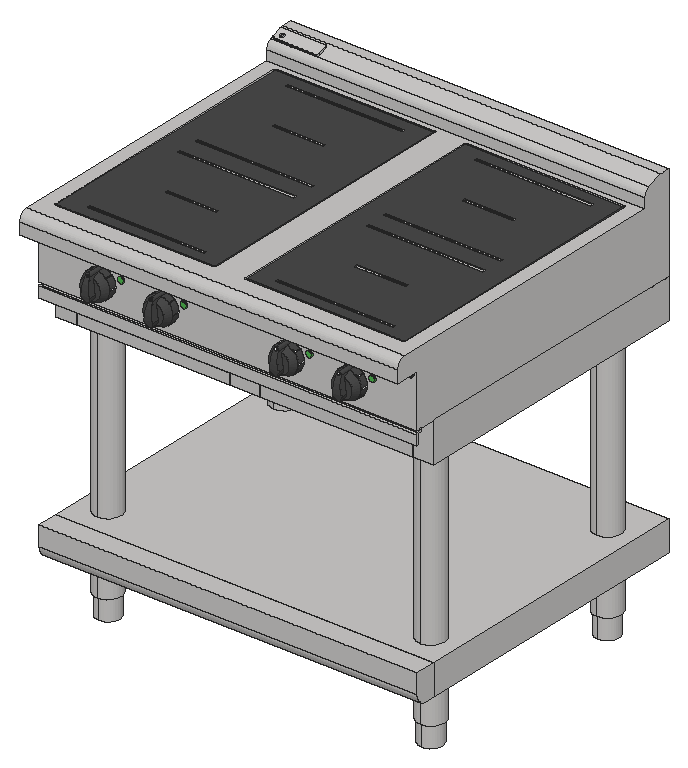
Revit family "QF_Moffat_INL8400R3-LS_Induction Cooktop_cat", category Specialty Equipment, Revit 2019
Family settings
  Round Connector Dimension = Use Diameter
  Part Type = Normal
  Work Plane-Based = No
  Always vertical = Yes
  Cut with Voids When Loaded = No
  Shared = No
  Room Calculation Point = No
Parameters (values of type "IN511F-B")
  Weight in Kilograms = 105
  Watts = 14 W
  Volts = 400 V
  URL Cutsheet = ""
  Specification by User = ""
  Specification by Manufacturer = ""
  Show Logo [instance] = yes
  Serial Number = ""
  Seismic Rating = ""
  SMACNA No = ""
  Revision Code = ""
  Phase = 3
  Number of Poles = 1
  NAFEM Spec ID Number = ""
  Model = "INL8400R3-LS"
  Min Ckt Ampacity = 0 A
  Max Overcurrent Protection = 0 A
  Masterspec = ""
  Manufacturer = "Moffat"
  Length = 900 mm
  Item Number = ""
  Installed By = ""
  Identify Quantity as Lot = yes
  Height = 970 mm
  HP = ""
  Furnished By = ""
  Foodservice Equipment Identifier = yes
  FL Amps = 20 A
  Electrical Remarks = ""
  Electric Connection Type = ""
  Elec Conn RI Height = 0 mm
  Elec Conn Connection Height = 0 mm
  Description = "Induction Cooktop"
  Depth = 805 mm
  Cycle = 50 Hz
  Conn Plug = ""
  Conn Conduit = yes
  CSI MasterFormat = ""
  Apparent Power = if(Phase = 3, Volts * FL Amps * 1.73, Volts * FL Amps)  # 13840 VA
Reference planes
  plane 1 "BACK": y = 0
  plane 2: z = 0
  plane 3 "LEFT": x = 0
  plane 4 "RIGHT": x = 900
  plane 5 "FRONT": y = -805
  plane 6 "TOP": z = 970
  plane 7 "Center Y": x = 450
  plane 8 "Center X": y = -402.5
  plane 9: x = 65.5
  plane 10: x = 834.5
  plane 11: y = -30
  plane 12: z = 150
  plane 13: y = -100
  plane 14: y = -625
  plane 15: y = -70
  plane 16: z = 915
  plane 17: x = 770
Forms (mm)
  Extrusion 1, solid, material "QF_Metal_Stainless_Polished"
    sketch origin (0, 0, 560) x (0, 1, 0) y (0, 0, 1)
      loop
        line (0, 180) -> (0, 410) -> (-24.305, 410) -> (-57.632, 395.853)
        arc (-57.632, 395.853) -> (-66.628, 388.372) -> (-70, 377.167) r 20.3
        line (-70, 377.167) -> (-70, 355) -> (-784.417, 355)
        arc (-784.417, 355) -> (-798.971, 348.971) -> (-805, 334.417) r 20.583
        line (-805, 334.417) -> (-805, 305) -> (-749, 305) -> (-749, 180) -> (0, 180)
    from 0 to 900
  Extrusion 2, void
    sketch origin (0, -784.171, 915) x (0, 1, 0) y (-1, 0, 0)
      loop
        arc (699.341, -37.323) -> (697.584, -33.08) -> (693.341, -31.323) r 6
        line (693.341, -31.323) -> (45.245, -31.323)
        arc (45.245, -31.323) -> (41.002, -33.08) -> (39.245, -37.323) r 6
        line (39.245, -37.323) -> (39.245, -410.105)
        arc (39.245, -410.105) -> (41.002, -414.347) -> (45.245, -416.105) r 6
        line (45.245, -416.105) -> (693.341, -416.105)
        arc (693.341, -416.105) -> (697.584, -414.347) -> (699.341, -410.105) r 6
        line (699.341, -410.105) -> (699.341, -37.323)
      loop
        line (699.341, -862.677) -> (699.341, -489.895)
        arc (699.341, -489.895) -> (697.584, -485.653) -> (693.341, -483.895) r 6
        line (693.341, -483.895) -> (45.245, -483.895)
        arc (45.245, -483.895) -> (41.002, -485.653) -> (39.245, -489.895) r 6
        line (39.245, -489.895) -> (39.245, -862.677)
        arc (39.245, -862.677) -> (41.002, -866.92) -> (45.245, -868.677) r 6
        line (45.245, -868.677) -> (693.341, -868.677)
        arc (693.341, -868.677) -> (697.584, -866.92) -> (699.341, -862.677) r 6
    from 0 to -9.5
  Extrusion 3, solid, material "QF_Plastic_Black_Smooth"
    sketch origin (0, -784.171, 915) x (0, 1, 0) y (-1, 0, 0)
      loop
        line (695.341, -410.105) -> (695.341, -37.323)
        arc (695.341, -37.323) -> (694.755, -35.908) -> (693.341, -35.323) r 2
        line (693.341, -35.323) -> (45.245, -35.323)
        arc (45.245, -35.323) -> (43.831, -35.908) -> (43.245, -37.323) r 2
        line (43.245, -37.323) -> (43.245, -410.105)
        arc (43.245, -410.105) -> (43.831, -411.519) -> (45.245, -412.105) r 2
        line (45.245, -412.105) -> (693.341, -412.105)
        arc (693.341, -412.105) -> (694.755, -411.519) -> (695.341, -410.105) r 2
      loop
        line (667.194, -86.598) -> (661.194, -86.598) -> (661.194, -363.75) -> (667.194, -363.75) -> (667.194, -86.598)
      loop
        line (526.611, -163.924) -> (526.611, -283.924) -> (532.611, -283.924) -> (532.611, -163.924) -> (526.611, -163.924)
      loop
        line (398.444, -86.598) -> (392.444, -86.598) -> (392.444, -363.75) -> (398.444, -363.75) -> (398.444, -86.598)
      loop
        line (345.944, -86.598) -> (339.944, -86.598) -> (339.944, -363.75) -> (345.944, -363.75) -> (345.944, -86.598)
      loop
        line (206.611, -163.924) -> (206.611, -283.924) -> (212.611, -283.924) -> (212.611, -163.924) -> (206.611, -163.924)
      loop
        line (77.194, -86.598) -> (71.194, -86.598) -> (71.194, -363.75) -> (77.194, -363.75) -> (77.194, -86.598)
      loop
        arc (695.341, -489.895) -> (694.755, -488.481) -> (693.341, -487.895) r 2
        line (693.341, -487.895) -> (45.245, -487.895)
        arc (45.245, -487.895) -> (43.831, -488.481) -> (43.245, -489.895) r 2
        line (43.245, -489.895) -> (43.245, -862.677)
        arc (43.245, -862.677) -> (43.831, -864.092) -> (45.245, -864.677) r 2
        line (45.245, -864.677) -> (693.341, -864.677)
        arc (693.341, -864.677) -> (694.755, -864.092) -> (695.341, -862.677) r 2
        line (695.341, -862.677) -> (695.341, -489.895)
      loop
        line (667.194, -813.402) -> (667.194, -536.25) -> (661.194, -536.25) -> (661.194, -813.402) -> (667.194, -813.402)
      loop
        line (526.611, -736.076) -> (532.611, -736.076) -> (532.611, -616.076) -> (526.611, -616.076) -> (526.611, -736.076)
      loop
        line (398.444, -813.402) -> (398.444, -536.25) -> (392.444, -536.25) -> (392.444, -813.402) -> (398.444, -813.402)
      loop
        line (345.944, -813.402) -> (345.944, -536.25) -> (339.944, -536.25) -> (339.944, -813.402) -> (345.944, -813.402)
      loop
        line (206.611, -736.076) -> (212.611, -736.076) -> (212.611, -616.076) -> (206.611, -616.076) -> (206.611, -736.076)
      loop
        line (77.194, -813.402) -> (77.194, -536.25) -> (71.194, -536.25) -> (71.194, -813.402) -> (77.194, -813.402)
    from 0 to -9.5
  Extrusion 4, solid, material "QF_Metal_Stainless_Polished"
    sketch origin (0, 0, 600) x (0, 1, 0) y (0, 0, 1)
      loop
        line (-739.467, 140) -> (-738.192, 134.838)
        arc (-738.192, 134.838) -> (-738.307, 134.302) -> (-738.799, 134.063) r 0.625
        line (-738.799, 134.063) -> (-746.111, 134.063)
        arc (-746.111, 134.063) -> (-748.011, 133.276) -> (-748.797, 131.377) r 2.686
        line (-748.797, 131.377) -> (-748.797, 107.627) -> (-747.197, 107.627) -> (-747.197, 131.242)
        arc (-747.197, 131.242) -> (-746.84, 132.105) -> (-745.976, 132.463) r 1.221
        line (-745.976, 132.463) -> (-738.755, 132.463)
        arc (-738.755, 132.463) -> (-737.028, 133.304) -> (-736.625, 135.182) r 2.194
        line (-736.625, 135.182) -> (-737.815, 140) -> (-739.467, 140)
    from 0 to 900
  Extrusion 5, solid, material "QF_Plastic_Black_Smooth"
    sketch origin (0, -749, 741.875) x (0, 0, 1) y (-1, 0, 0)
      loop
        circle (112.843, -13.157) r 5
      loop
        circle (112.843, -886.843) r 5
    from 0 to 1.6
  Extrusion 6, solid, material "QF_Metal_Stainless_Polished"
    sketch origin (450, -699, 645) x (0, 1, 0) y (1, 0, 0)
      loop
        circle (669, 320) r 6.35
    from 0 to 10
  Extrusion 7, solid, material "QF_Metal_Stainless_Polished"
    sketch origin (0, -699, 645) x (1, 0, 0) y (0, -1, 0)
      loop
        line (0, -699) -> (900, -699) -> (900, 0) -> (849.2, 0) -> (849.2, -25.4) -> (485.8, -25.4) -> (485.8, 0) -> (414.2, 0) -> (414.2, -25.4) -> (50.8, -25.4) -> (50.8, 0) -> (0, 0) -> (0, -699)
    from 0 to -95
  Extrusion 8, solid, material "QF_Metal_Stainless_Polished"
    sketch origin (50.8, -30, 645) x (0, 1, 0) y (0, 0, 1)
      loop
        line (-669, 0) -> (-643.6, 0) -> (-643.6, 26.45) -> (-669, 26.45) -> (-669, 0)
      loop
        line (-669, 32.45) -> (-643.6, 32.45) -> (-643.6, 66.4) -> (-669, 66.4) -> (-669, 32.45)
      loop
        line (-669, 67.4) -> (-643.6, 67.4) -> (-643.6, 95) -> (-669, 95) -> (-669, 67.4)
    from 0 to 363.4
  Extrusion 9, solid, material "QF_Metal_Stainless_Polished"
    sketch origin (900, 0, 560) x (-1, 0, 0) y (0, -1, 0)
      loop
        line (536.25, 122.976) -> (536.25, 116.976) -> (813.402, 116.976) -> (813.402, 122.976) -> (536.25, 122.976)
      loop
        line (736.076, 251.56) -> (736.076, 257.56) -> (616.076, 257.56) -> (616.076, 251.56) -> (736.076, 251.56)
      loop
        line (813.402, 385.726) -> (813.402, 391.726) -> (536.25, 391.726) -> (536.25, 385.726) -> (813.402, 385.726)
      loop
        line (813.402, 438.226) -> (813.402, 444.226) -> (536.25, 444.226) -> (536.25, 438.226) -> (813.402, 438.226)
      loop
        line (736.076, 571.56) -> (736.076, 577.56) -> (616.076, 577.56) -> (616.076, 571.56) -> (736.076, 571.56)
      loop
        line (536.25, 712.976) -> (536.25, 706.976) -> (813.402, 706.976) -> (813.402, 712.976) -> (536.25, 712.976)
      loop
        line (363.75, 122.976) -> (86.598, 122.976) -> (86.598, 116.976) -> (363.75, 116.976) -> (363.75, 122.976)
      loop
        line (163.924, 251.56) -> (283.924, 251.56) -> (283.924, 257.56) -> (163.924, 257.56) -> (163.924, 251.56)
      loop
        line (86.598, 385.726) -> (363.75, 385.726) -> (363.75, 391.726) -> (86.598, 391.726) -> (86.598, 385.726)
      loop
        line (86.598, 438.226) -> (363.75, 438.226) -> (363.75, 444.226) -> (86.598, 444.226) -> (86.598, 438.226)
      loop
        line (163.924, 571.56) -> (283.924, 571.56) -> (283.924, 577.56) -> (163.924, 577.56) -> (163.924, 571.56)
      loop
        line (363.75, 712.976) -> (86.598, 712.976) -> (86.598, 706.976) -> (363.75, 706.976) -> (363.75, 712.976)
    from 355 to 345.5
  Extrusion 10, solid, material "QF_Paint_Green"
    sketch origin (63.231, -748.999, 713.75) x (0, 0, 1) y (-1, 0, 0)
      loop
        circle (100.3, -282.5) r 7.15
    from 0 to 1.6
  Extrusion 11, solid, material "QF_Plastic_Black_Smooth"
    sketch origin (75, -748.999, 725.625) x (0, 0, 1) y (-1, 0, 0)
      loop
        circle (112.843, -225) r 5
    from 0 to 1.6
  Extrusion 12, solid, material "QF_Paint_Green"
    sketch origin (-86.769, -748.999, 713.75) x (0, 0, 1) y (-1, 0, 0)
      loop
        circle (100.3, -282.5) r 7.15
    from 0 to 1.6
  Extrusion 13, solid, material "QF_Plastic_Black_Smooth"
    sketch origin (-75, -748.999, 725.625) x (0, 0, 1) y (-1, 0, 0)
      loop
        circle (112.843, -225) r 5
    from 0 to 1.6
  Extrusion 14, solid, material "QF_Paint_Green"
    sketch origin (511.981, -748.999, 713.75) x (0, 0, 1) y (-1, 0, 0)
      loop
        circle (100.3, -282.5) r 7.15
    from 0 to 1.6
  Extrusion 15, solid, material "QF_Plastic_Black_Smooth"
    sketch origin (523.75, -748.999, 725.625) x (0, 0, 1) y (-1, 0, 0)
      loop
        circle (112.843, -225) r 5
    from 0 to 1.6
  Extrusion 16, solid, material "QF_Paint_Green"
    sketch origin (361.981, -748.999, 713.75) x (0, 0, 1) y (-1, 0, 0)
      loop
        circle (100.3, -282.5) r 7.15
    from 0 to 1.6
  Extrusion 17, solid, material "QF_Plastic_Black_Smooth"
    sketch origin (373.75, -748.999, 725.625) x (0, 0, 1) y (-1, 0, 0)
      loop
        circle (112.843, -225) r 5
    from 0 to 1.6
  Extrusion 18, solid, material "QF_Metal_Stainless_Polished"
    sketch origin (849.2, -30, 645) x (0, 1, 0) y (0, 0, -1)
      loop
        line (-669, 0) -> (-669, -26.45) -> (-643.6, -26.45) -> (-643.6, 0) -> (-669, 0)
      loop
        line (-669, -32.45) -> (-669, -66.4) -> (-643.6, -66.4) -> (-643.6, -32.45) -> (-669, -32.45)
      loop
        line (-669, -67.4) -> (-669, -95) -> (-643.6, -95) -> (-643.6, -67.4) -> (-669, -67.4)
    from 0 to 363.4
Cuts and joins
  Extrusion 2 cuts Extrusion 1
Lines and regions (mm)
  symbolic lines
    curve 1: line (0, 0, 0) -> (900, 0, 0)
    curve 2: line (0, -805, 0) -> (0, 0, 0)
    curve 3: line (900, -805, 0) -> (0, -805, 0)
    curve 4: line (900, 0, 0) -> (900, -805, 0)
    curve 5: line (0, -18.182, 0) -> (900, -18.182, 0)
    curve 6: line (0, -70, 0) -> (450, -70, 0)
    curve 7: line (37.323, -84.83, 0) -> (410.105, -84.83, 0)
    curve 8: arc (410.105, -84.83, 0) -> (414.347, -86.587, 0) -> (416.105, -90.83, 0) r 6
    curve 9: line (416.105, -90.83, 0) -> (416.105, -738.926, 0)
    curve 10: arc (416.105, -738.926, 0) -> (414.347, -743.168, 0) -> (410.105, -744.926, 0) r 6
    curve 11: line (410.105, -744.926, 0) -> (37.323, -744.926, 0)
    curve 12: arc (37.323, -744.926, 0) -> (33.08, -743.168, 0) -> (31.323, -738.926, 0) r 6
    curve 13: line (31.323, -738.926, 0) -> (31.323, -90.83, 0)
    curve 14: arc (31.323, -90.83, 0) -> (33.08, -86.587, 0) -> (37.323, -84.83, 0) r 6
    curve 15: line (410.105, -88.83, 0) -> (37.323, -88.83, 0)
    curve 16: arc (37.323, -88.83, 0) -> (35.908, -89.415, 0) -> (35.323, -90.83, 0) r 2
    curve 17: line (35.323, -90.83, 0) -> (35.323, -738.926, 0)
    curve 18: arc (35.323, -738.926, 0) -> (35.908, -740.34, 0) -> (37.323, -740.926, 0) r 2
    curve 19: line (37.323, -740.926, 0) -> (410.105, -740.926, 0)
    curve 20: arc (410.105, -740.926, 0) -> (411.519, -740.34, 0) -> (412.105, -738.926, 0) r 2
    curve 21: line (412.105, -738.926, 0) -> (412.105, -90.83, 0)
    curve 22: arc (412.105, -90.83, 0) -> (411.519, -89.415, 0) -> (410.105, -88.83, 0) r 2
    curve 23: line (416.105, -738.926, 0) -> (416.105, -90.83, 0)
    curve 24: line (412.105, -90.83, 0) -> (412.105, -738.926, 0)
    curve 25: line (862.677, -84.83, 0) -> (489.895, -84.83, 0)
    curve 26: arc (489.895, -84.83, 0) -> (485.653, -86.587, 0) -> (483.895, -90.83, 0) r 6
    curve 27: arc (483.895, -738.926, 0) -> (485.653, -743.168, 0) -> (489.895, -744.926, 0) r 6
    curve 28: line (489.895, -744.926, 0) -> (862.677, -744.926, 0)
    curve 29: arc (862.677, -744.926, 0) -> (866.92, -743.168, 0) -> (868.677, -738.926, 0) r 6
    curve 30: line (868.677, -738.926, 0) -> (868.677, -90.83, 0)
    curve 31: arc (868.677, -90.83, 0) -> (866.92, -86.587, 0) -> (862.677, -84.83, 0) r 6
    curve 32: line (489.895, -88.83, 0) -> (862.677, -88.83, 0)
    curve 33: arc (862.677, -88.83, 0) -> (864.092, -89.415, 0) -> (864.677, -90.83, 0) r 2
    curve 34: line (864.677, -90.83, 0) -> (864.677, -738.926, 0)
    curve 35: arc (864.677, -738.926, 0) -> (864.092, -740.34, 0) -> (862.677, -740.926, 0) r 2
    curve 36: line (862.677, -740.926, 0) -> (489.895, -740.926, 0)
    curve 37: arc (489.895, -740.926, 0) -> (488.481, -740.34, 0) -> (487.895, -738.926, 0) r 2
    curve 38: arc (487.895, -90.83, 0) -> (488.481, -89.415, 0) -> (489.895, -88.83, 0) r 2
    curve 39: line (487.895, -90.83, 0) -> (487.895, -738.926, 0)
    curve 40: arc (487.895, -738.926, 0) -> (488.481, -740.34, 0) -> (489.895, -740.926, 0) r 2
    curve 41: line (489.895, -740.926, 0) -> (862.677, -740.926, 0)
    curve 42: arc (862.677, -740.926, 0) -> (864.092, -740.34, 0) -> (864.677, -738.926, 0) r 2
    curve 43: line (864.677, -738.926, 0) -> (864.677, -90.83, 0)
    curve 44: arc (864.677, -90.83, 0) -> (864.092, -89.415, 0) -> (862.677, -88.83, 0) r 2
    curve 45: line (862.677, -88.83, 0) -> (489.895, -88.83, 0)
    curve 46: arc (489.895, -88.83, 0) -> (488.481, -89.415, 0) -> (487.895, -90.83, 0) r 2
    curve 47: line (483.895, -90.83, 0) -> (483.895, -738.926, 0)
    curve 48: arc (483.895, -738.926, 0) -> (485.653, -743.168, 0) -> (489.895, -744.926, 0) r 6
    curve 49: line (489.895, -744.926, 0) -> (862.677, -744.926, 0)
    curve 50: arc (862.677, -744.926, 0) -> (866.92, -743.168, 0) -> (868.677, -738.926, 0) r 6
    curve 51: line (868.677, -738.926, 0) -> (868.677, -90.83, 0)
    curve 52: arc (868.677, -90.83, 0) -> (866.92, -86.587, 0) -> (862.677, -84.83, 0) r 6
    curve 53: line (862.677, -84.83, 0) -> (489.895, -84.83, 0)
    curve 54: arc (489.895, -84.83, 0) -> (485.653, -86.587, 0) -> (483.895, -90.83, 0) r 6
    curve 55: line (86.598, -122.976, 0) -> (363.75, -122.976, 0)
    curve 56: line (363.75, -122.976, 0) -> (363.75, -116.976, 0)
    curve 57: line (363.75, -116.976, 0) -> (86.598, -116.976, 0)
    curve 58: line (86.598, -116.976, 0) -> (86.598, -122.976, 0)
    curve 59: line (283.924, -251.56, 0) -> (163.924, -251.56, 0)
    curve 60: line (163.924, -251.56, 0) -> (163.924, -257.56, 0)
    curve 61: line (163.924, -257.56, 0) -> (283.924, -257.56, 0)
    curve 62: line (283.924, -257.56, 0) -> (283.924, -251.56, 0)
    curve 63: line (536.25, -122.976, 0) -> (813.402, -122.976, 0)
    curve 64: line (813.402, -122.976, 0) -> (813.402, -116.976, 0)
    curve 65: line (813.402, -116.976, 0) -> (536.25, -116.976, 0)
    curve 66: line (536.25, -116.976, 0) -> (536.25, -122.976, 0)
    curve 67: line (736.076, -251.56, 0) -> (616.076, -251.56, 0)
    curve 68: line (616.076, -251.56, 0) -> (616.076, -257.56, 0)
    curve 69: line (616.076, -257.56, 0) -> (736.076, -257.56, 0)
    curve 70: line (736.076, -257.56, 0) -> (736.076, -251.56, 0)
    curve 71: line (736.076, -571.56, 0) -> (616.076, -571.56, 0)
    curve 72: line (616.076, -571.56, 0) -> (616.076, -577.56, 0)
    curve 73: line (616.076, -577.56, 0) -> (736.076, -577.56, 0)
    curve 74: line (736.076, -577.56, 0) -> (736.076, -571.56, 0)
    curve 75: line (813.402, -706.976, 0) -> (536.25, -706.976, 0)
    curve 76: line (536.25, -706.976, 0) -> (536.25, -712.976, 0)
    curve 77: line (536.25, -712.976, 0) -> (813.402, -712.976, 0)
    curve 78: line (813.402, -712.976, 0) -> (813.402, -706.976, 0)
    curve 79: line (86.598, -712.976, 0) -> (363.75, -712.976, 0)
    curve 80: line (363.75, -712.976, 0) -> (363.75, -706.976, 0)
    curve 81: line (363.75, -706.976, 0) -> (86.598, -706.976, 0)
    curve 82: line (86.598, -706.976, 0) -> (86.598, -712.976, 0)
    curve 83: line (283.924, -577.56, 0) -> (163.924, -577.56, 0)
    curve 84: line (163.924, -577.56, 0) -> (163.924, -571.56, 0)
    curve 85: line (163.924, -571.56, 0) -> (283.924, -571.56, 0)
    curve 86: line (283.924, -571.56, 0) -> (283.924, -577.56, 0)
    curve 87: line (86.598, -444.226, 0) -> (363.75, -444.226, 0)
    curve 88: line (363.75, -444.226, 0) -> (363.75, -438.226, 0)
    curve 89: line (363.75, -438.226, 0) -> (86.598, -438.226, 0)
    curve 90: line (86.598, -438.226, 0) -> (86.598, -444.226, 0)
    curve 91: line (86.598, -391.726, 0) -> (363.75, -391.726, 0)
    curve 92: line (363.75, -391.726, 0) -> (363.75, -385.726, 0)
    curve 93: line (363.75, -385.726, 0) -> (86.598, -385.726, 0)
    curve 94: line (86.598, -385.726, 0) -> (86.598, -391.726, 0)
    curve 95: line (0, 0, 560) -> (900, 0, 560)
    curve 96: line (0, -805, 560) -> (0, 0, 560)
    curve 97: line (900, -805, 560) -> (0, -805, 560)
    curve 98: line (900, 0, 560) -> (900, -805, 560)
    curve 99: line (0, -18.182, 560) -> (900, -18.182, 560)
    curve 100: line (0, -70, 560) -> (900, -70, 560)
    curve 101: line (416.105, -90.83, 560) -> (416.105, -738.926, 560)
    curve 102: line (412.105, -738.926, 560) -> (412.105, -90.83, 560)
    curve 103: line (416.105, -738.926, 560) -> (416.105, -90.83, 560)
    curve 104: line (412.105, -90.83, 560) -> (412.105, -738.926, 560)
    curve 105: line (862.677, -84.83, 560) -> (489.895, -84.83, 560)
    curve 106: arc (483.895, -738.926, 560) -> (485.653, -743.168, 560) -> (489.895, -744.926, 560) r 6
    curve 107: line (489.895, -744.926, 560) -> (862.677, -744.926, 560)
    curve 108: arc (862.677, -744.926, 560) -> (866.92, -743.168, 560) -> (868.677, -738.926, 560) r 6
    curve 109: arc (864.677, -738.926, 560) -> (864.092, -740.34, 560) -> (862.677, -740.926, 560) r 2
    curve 110: line (862.677, -740.926, 560) -> (489.895, -740.926, 560)
    curve 111: arc (489.895, -740.926, 560) -> (488.481, -740.34, 560) -> (487.895, -738.926, 560) r 2
    curve 112: arc (487.895, -738.926, 560) -> (488.481, -740.34, 560) -> (489.895, -740.926, 560) r 2
    curve 113: line (489.895, -740.926, 560) -> (862.677, -740.926, 560)
    curve 114: arc (862.677, -740.926, 560) -> (864.092, -740.34, 560) -> (864.677, -738.926, 560) r 2
    curve 115: arc (483.895, -738.926, 560) -> (485.653, -743.168, 560) -> (489.895, -744.926, 560) r 6
    curve 116: line (489.895, -744.926, 560) -> (862.677, -744.926, 560)
    curve 117: arc (862.677, -744.926, 560) -> (866.92, -743.168, 560) -> (868.677, -738.926, 560) r 6
    curve 118: line (86.598, -122.976, 560) -> (363.75, -122.976, 560)
    curve 119: line (363.75, -122.976, 560) -> (363.75, -116.976, 560)
    curve 120: line (363.75, -116.976, 560) -> (86.598, -116.976, 560)
    curve 121: line (86.598, -116.976, 560) -> (86.598, -122.976, 560)
    curve 122: line (283.924, -251.56, 560) -> (163.924, -251.56, 560)
    curve 123: line (163.924, -251.56, 560) -> (163.924, -257.56, 560)
    curve 124: line (163.924, -257.56, 560) -> (283.924, -257.56, 560)
    curve 125: line (283.924, -257.56, 560) -> (283.924, -251.56, 560)
    curve 126: line (536.25, -122.976, 560) -> (813.402, -122.976, 560)
    curve 127: line (813.402, -122.976, 560) -> (813.402, -116.976, 560)
    curve 128: line (813.402, -116.976, 560) -> (536.25, -116.976, 560)
    curve 129: line (536.25, -116.976, 560) -> (536.25, -122.976, 560)
    curve 130: line (736.076, -251.56, 560) -> (616.076, -251.56, 560)
    curve 131: line (616.076, -251.56, 560) -> (616.076, -257.56, 560)
    curve 132: line (616.076, -257.56, 560) -> (736.076, -257.56, 560)
    curve 133: line (736.076, -257.56, 560) -> (736.076, -251.56, 560)
    curve 134: line (736.076, -571.56, 560) -> (616.076, -571.56, 560)
    curve 135: line (616.076, -571.56, 560) -> (616.076, -577.56, 560)
    curve 136: line (616.076, -577.56, 560) -> (736.076, -577.56, 560)
    curve 137: line (736.076, -577.56, 560) -> (736.076, -571.56, 560)
    curve 138: line (813.402, -706.976, 560) -> (536.25, -706.976, 560)
    curve 139: line (536.25, -706.976, 560) -> (536.25, -712.976, 560)
    curve 140: line (536.25, -712.976, 560) -> (813.402, -712.976, 560)
    curve 141: line (813.402, -712.976, 560) -> (813.402, -706.976, 560)
    curve 142: line (86.598, -712.976, 560) -> (363.75, -712.976, 560)
    curve 143: line (363.75, -712.976, 560) -> (363.75, -706.976, 560)
    curve 144: line (363.75, -706.976, 560) -> (86.598, -706.976, 560)
    curve 145: line (86.598, -706.976, 560) -> (86.598, -712.976, 560)
    curve 146: line (283.924, -577.56, 560) -> (163.924, -577.56, 560)
    curve 147: line (163.924, -577.56, 560) -> (163.924, -571.56, 560)
    curve 148: line (163.924, -571.56, 560) -> (283.924, -571.56, 560)
    curve 149: line (283.924, -571.56, 560) -> (283.924, -577.56, 560)
    curve 150: line (86.598, -444.226, 560) -> (363.75, -444.226, 560)
    curve 151: line (363.75, -444.226, 560) -> (363.75, -438.226, 560)
    curve 152: line (363.75, -438.226, 560) -> (86.598, -438.226, 560)
    curve 153: line (86.598, -438.226, 560) -> (86.598, -444.226, 560)
    curve 154: line (86.598, -391.726, 560) -> (363.75, -391.726, 560)
    curve 155: line (363.75, -391.726, 560) -> (363.75, -385.726, 560)
    curve 156: line (363.75, -385.726, 560) -> (86.598, -385.726, 560)
    curve 157: line (86.598, -385.726, 560) -> (86.598, -391.726, 560)
    curve 158: line (536.25, -391.726, 560) -> (813.402, -391.726, 560)
    curve 159: line (813.402, -391.726, 560) -> (813.402, -385.726, 560)
    curve 160: line (813.402, -385.726, 560) -> (536.25, -385.726, 560)
    curve 161: line (536.25, -385.726, 560) -> (536.25, -391.726, 560)
    curve 162: line (536.25, -444.226, 560) -> (813.402, -444.226, 560)
    curve 163: line (813.402, -444.226, 560) -> (813.402, -438.226, 560)
    curve 164: line (813.402, -438.226, 560) -> (536.25, -438.226, 560)
    curve 165: line (536.25, -438.226, 560) -> (536.25, -444.226, 560)
Dimensions and locks
  equal spacing: plane 3 "LEFT", plane 7 "Center Y", plane 4 "RIGHT"
  "Length": plane 3 "LEFT" to plane 4 "RIGHT"
  equal spacing: plane 5 "FRONT", plane 8 "Center X", plane 1 "BACK"
  "Depth": plane 5 "FRONT" to plane 1 "BACK"
  "Height": plane 6 "TOP" to level
  plane 9 to plane 10 = 769 mm
  plane 4 "RIGHT" to plane 3 "LEFT" = 900 mm
  plane 6 "TOP" to plane 2 = 970 mm
  plane 1 "BACK" to plane 11 = 30 mm
  plane 1 "BACK" to plane 13 to plane 14 = 100 mm, 525 mm
  plane 1 "BACK" to plane 15 = 70 mm
  plane 16 to level = 915 mm  (x2)
  level to plane 12 = 150 mm
  plane 12 to level = 150 mm
  plane 4 "RIGHT" to plane 17 = 130 mm
  plane 1 "BACK" to plane 5 "FRONT" = 805 mm
  locked: plane 10 to plane 4 "RIGHT" at 65.5
  aligned and locked: level to plane 2
  aligned and locked: plane 7 "Center Y" to nested 1
  aligned and locked: plane 8 "Center X" to nested 1
  aligned and locked: Extrusion 18 to Extrusion 7  (x2)
Automatic sketch dimensions
  Extrusion 2 sketch curve to Extrusion 1 = 39.492 mm  (x2)
  Extrusion 2 sketch curve to Extrusion 2 sketch curve = 6 mm  (x6)
  Extrusion 1 to Extrusion 2 sketch curve = 20.83 mm  (x4)
  Extrusion 1 to Extrusion 2 sketch curve = 31.323 mm
  Extrusion 2 sketch curve to Extrusion 2 sketch curve = 372.782 mm
  Extrusion 2 sketch curve to Extrusion 2 sketch curve = 67.791 mm
  Extrusion 1 to Extrusion 2 sketch curve = 37.323 mm
  Extrusion 4 sketch curve to plane 5 "FRONT" = 56.203 mm
  Extrusion 4 sketch curve to Extrusion 4 sketch curve = 1.6 mm
  Extrusion 4 sketch curve to Extrusion 4 sketch curve = 1.086 mm
  Extrusion 4 sketch curve to Extrusion 4 sketch curve = 0.135 mm  (x2)
  Extrusion 4 sketch curve to Extrusion 4 sketch curve = 6.644 mm
  Extrusion 4 sketch curve to Extrusion 4 sketch curve = 0.668 mm
  Extrusion 4 sketch curve to Extrusion 4 sketch curve = 0.044 mm
  Extrusion 4 sketch curve to Extrusion 4 sketch curve = 0.563 mm
  Extrusion 4 sketch curve to Extrusion 4 sketch curve = 1.652 mm
  Extrusion 4 sketch curve to Extrusion 4 sketch curve = 1.567 mm
  Extrusion 4 sketch curve to plane 16 = 207.373 mm
  Extrusion 4 sketch curve to Extrusion 4 sketch curve = 23.614 mm
  Extrusion 4 sketch curve to Extrusion 4 sketch curve = 0.594 mm
  Extrusion 4 sketch curve to Extrusion 4 sketch curve = 0.032 mm
  Extrusion 4 sketch curve to Extrusion 4 sketch curve = 5.162 mm
  Extrusion 1 to Extrusion 5 sketch curve = 10.282 mm  (x2)
  Extrusion 1 to Extrusion 5 sketch curve = 13.157 mm  (x2)
  Extrusion 12 sketch curve to plane 16 = 100.95 mm
  Extrusion 12 sketch curve to plane 9 = 130.231 mm
  Extrusion 13 sketch curve to plane 16 = 76.532 mm
  Extrusion 13 sketch curve to plane 9 = 84.5 mm
  plane 17 to Extrusion 14 sketch curve = 24.481 mm
  Extrusion 14 sketch curve to plane 16 = 100.95 mm
  Extrusion 15 sketch curve to plane 17 = 21.25 mm
  Extrusion 15 sketch curve to plane 16 = 76.532 mm
  Extrusion 16 sketch curve to plane 16 = 100.95 mm
  Extrusion 16 sketch curve to plane 17 = 125.519 mm
  plane 14 to Extrusion 18 sketch curve = 74 mm
  Extrusion 18 sketch curve to Extrusion 18 sketch curve = 0 mm  (x4)
  Extrusion 18 sketch curve to Extrusion 18 sketch curve = 25.4 mm
  Extrusion 18 sketch curve to plane 16 = 175 mm
  Extrusion 18 sketch curve to Extrusion 18 sketch curve = 27.6 mm
  Extrusion 18 sketch curve to Extrusion 18 sketch curve = 1 mm
  Extrusion 18 sketch curve to Extrusion 18 sketch curve = 33.95 mm
  Extrusion 18 sketch curve to Extrusion 18 sketch curve = 6 mm
  Extrusion 18 sketch curve to Extrusion 18 sketch curve = 26.45 mm
  Extrusion 3 sketch curve to Extrusion 1 = 43.492 mm  (x2)
  Extrusion 3 sketch curve to Extrusion 3 sketch curve = 2 mm  (x6)
  Extrusion 3 sketch curve to Extrusion 3 sketch curve = 25.949 mm  (x2)
  Extrusion 3 sketch curve to Extrusion 3 sketch curve = 6 mm  (x12)
  Extrusion 3 sketch curve to Extrusion 3 sketch curve = 129.416 mm  (x2)
  Extrusion 3 sketch curve to Extrusion 3 sketch curve = 127.334 mm  (x2)
  Extrusion 3 sketch curve to Extrusion 3 sketch curve = 46.5 mm  (x2)
  Extrusion 3 sketch curve to Extrusion 3 sketch curve = 128.166 mm  (x2)
  Extrusion 1 to Extrusion 3 sketch curve = 52.976 mm  (x2)
  Extrusion 1 to Extrusion 3 sketch curve = 20.83 mm  (x4)
  Extrusion 1 to Extrusion 3 sketch curve = 35.323 mm
  Extrusion 3 sketch curve to Extrusion 3 sketch curve = 49.275 mm  (x2)
  Extrusion 1 to Extrusion 3 sketch curve = 86.598 mm  (x4)
  Extrusion 3 sketch curve to Extrusion 3 sketch curve = 0 mm  (x4)
  Extrusion 3 sketch curve to Extrusion 3 sketch curve = 77.326 mm  (x2)
  Extrusion 3 sketch curve to Extrusion 3 sketch curve = 120 mm  (x4)
  Extrusion 3 sketch curve to Extrusion 3 sketch curve = 79.826 mm  (x5)
  Extrusion 3 sketch curve to Extrusion 3 sketch curve = 46.355 mm  (x3)
  Extrusion 3 sketch curve to Extrusion 3 sketch curve = 75.791 mm
  Extrusion 3 sketch curve to Extrusion 3 sketch curve = 172.5 mm
  Extrusion 1 to Extrusion 3 sketch curve = 37.323 mm
  Extrusion 1 sketch curve to plane 5 "FRONT" = 0 mm
  Extrusion 1 sketch curve to plane 16 = 0 mm
  Extrusion 1 sketch curve to plane 15 = 0 mm
  Extrusion 1 sketch curve to plane 6 "TOP" = 0 mm
  Extrusion 1 sketch curve to plane 1 "BACK" = 0 mm
  Extrusion 1 sketch curve to Extrusion 1 sketch curve = 20.583 mm
  Extrusion 1 sketch curve to Extrusion 1 sketch curve = 35.417 mm
  Extrusion 1 sketch curve to plane 15 = 12.368 mm
  Extrusion 1 sketch curve to Extrusion 1 sketch curve = 20.3 mm
  Extrusion 1 sketch curve to plane 11 = 5.695 mm
  Extrusion 1 sketch curve to Extrusion 1 sketch curve = 29.417 mm
  Extrusion 1 sketch curve to plane 16 = 175 mm
  plane 16 to Extrusion 1 sketch curve = 22.167 mm
  curve 8 to curve 22 = 0 mm  (x2)
  curve 10 to curve 20 = 0 mm  (x2)
  curve 12 to curve 18 = 0 mm  (x2)
  curve 14 to curve 16 = 0 mm  (x2)
  curve 26 to curve 38 = 0 mm  (x2)
  curve 26 to curve 46 = 0 mm  (x2)
  curve 26 to curve 54 = 0 mm  (x2)
  curve 27 to curve 37 = 0 mm  (x2)
  curve 27 to curve 40 = 0 mm  (x2)
  curve 27 to curve 48 = 0 mm  (x2)
  curve 29 to curve 35 = 0 mm  (x2)
  curve 29 to curve 42 = 0 mm  (x2)
  curve 29 to curve 50 = 0 mm  (x2)
  curve 31 to curve 33 = 0 mm  (x2)
  curve 31 to curve 44 = 0 mm  (x2)
  curve 31 to curve 52 = 0 mm  (x2)
  curve 33 to curve 44 = 0 mm  (x2)
  curve 33 to curve 52 = 0 mm  (x2)
  curve 35 to curve 42 = 0 mm  (x2)
  curve 35 to curve 50 = 0 mm  (x2)
  curve 37 to curve 40 = 0 mm  (x2)
  curve 37 to curve 48 = 0 mm  (x2)
  curve 38 to curve 46 = 0 mm  (x2)
  curve 38 to curve 54 = 0 mm  (x2)
  curve 40 to curve 48 = 0 mm  (x2)
  curve 42 to curve 50 = 0 mm  (x2)
  curve 44 to curve 52 = 0 mm  (x2)
  curve 46 to curve 54 = 0 mm  (x2)
  plane 1 "BACK" to curve 1 = 0 mm
  curve 1 to plane 3 "LEFT" = 0 mm
  curve 6 to plane 7 "Center Y" = 0 mm
  curve 5 to plane 4 "RIGHT" = 0 mm
  plane 5 "FRONT" to curve 3 = 0 mm
  plane 15 to curve 6 = 0 mm
  plane 3 "LEFT" to curve 13 = 31.323 mm
  curve 13 to curve 17 = 4 mm
  curve 17 to curve 16 = 2 mm
  curve 17 to curve 18 = 2 mm
  curve 94 to plane 9 = 21.098 mm
  curve 57 to plane 9 = 21.098 mm
  curve 79 to plane 9 = 21.098 mm
  curve 87 to plane 9 = 21.098 mm
  curve 83 to plane 14 = 47.44 mm
  curve 83 to plane 9 = 98.424 mm
  curve 59 to plane 9 = 98.424 mm
  curve 60 to curve 61 = 120 mm
  curve 85 to plane 14 = 53.44 mm
  curve 84 to curve 85 = 120 mm
  curve 79 to plane 7 "Center Y" = 86.25 mm
  curve 88 to plane 8 "Center X" = 41.726 mm
  curve 88 to plane 7 "Center Y" = 86.25 mm
  plane 13 to curve 57 = 16.976 mm
  curve 57 to plane 7 "Center Y" = 86.25 mm
  plane 8 "Center X" to curve 93 = 16.774 mm
  curve 93 to curve 88 = 0 mm
  curve 10 to plane 7 "Center Y" = 39.895 mm
  curve 22 to plane 13 = 9.17 mm
  curve 22 to plane 7 "Center Y" = 39.895 mm
  curve 10 to curve 21 = 2 mm
  plane 7 "Center Y" to curve 47 = 33.895 mm
  curve 54 to curve 39 = 4 mm
  curve 38 to curve 45 = 2 mm
  curve 37 to curve 40 = 2 mm
  curve 27 to curve 77 = 46.355 mm
  plane 13 to curve 65 = 16.976 mm
  curve 38 to curve 65 = 46.355 mm
  curve 72 to plane 14 = 53.44 mm
  curve 72 to plane 17 = 153.924 mm
  curve 63 to curve 68 = 79.826 mm
  curve 70 to plane 17 = 33.924 mm
  curve 73 to plane 17 = 33.924 mm
  plane 10 to curve 65 = 21.098 mm
  plane 10 to curve 78 = 21.098 mm
  curve 33 to plane 13 = 9.17 mm
  curve 33 to plane 10 = 28.177 mm
  curve 50 to plane 10 = 28.177 mm
  curve 31 to curve 34 = 2 mm
  curve 28 to plane 5 "FRONT" = 60.074 mm
  curve 11 to plane 5 "FRONT" = 60.074 mm
  curve 29 to curve 77 = 25.949 mm
  curve 10 to curve 80 = 25.949 mm
  curve 79 to curve 82 = 6 mm
  curve 77 to curve 75 = 6 mm
  curve 73 to curve 71 = 6 mm
  curve 87 to curve 90 = 6 mm
  curve 92 to curve 92 = 6 mm
  plane 8 "Center X" to curve 68 = 144.94 mm
  plane 8 "Center X" to curve 61 = 144.94 mm
  curve 69 to curve 67 = 6 mm
  curve 61 to curve 62 = 6 mm
  curve 64 to curve 64 = 6 mm
  curve 55 to curve 57 = 6 mm
  curve 5 to plane 11 = 11.818 mm
  plane 8 "Center X" to curve 158 = 10.774 mm
  plane 7 "Center Y" to curve 158 = 86.25 mm
  curve 165 to curve 158 = 0 mm
  plane 10 to curve 159 = 21.098 mm
  plane 10 to curve 162 = 21.098 mm
  curve 163 to plane 8 "Center X" = 35.726 mm
  curve 165 to curve 164 = 6 mm
  curve 158 to curve 161 = 6 mm
  Extrusion 7 to Extrusion 6 sketch curve = 30 mm
  Extrusion 6 sketch curve to Extrusion 7 = 79.2 mm
  Extrusion 7 sketch curve to plane 3 "LEFT" = 0 mm
  Extrusion 7 sketch curve to plane 4 "RIGHT" = 0 mm
  plane 1 "BACK" to Extrusion 7 sketch curve = 0 mm
  plane 9 to Extrusion 7 sketch curve = 14.7 mm
  Extrusion 7 sketch curve to plane 7 "Center Y" = 35.8 mm
  plane 7 "Center Y" to Extrusion 7 sketch curve = 35.8 mm
  Extrusion 7 sketch curve to plane 10 = 14.7 mm
  plane 14 to Extrusion 7 sketch curve = 48.6 mm  (x2)
  Extrusion 7 sketch curve to Extrusion 7 sketch curve = 25.4 mm  (x3)
  Extrusion 8 sketch curve to Extrusion 7 = 0 mm  (x8)
  Extrusion 7 to Extrusion 8 sketch curve = 26.45 mm
  Extrusion 8 sketch curve to Extrusion 8 sketch curve = 6 mm
  Extrusion 7 to Extrusion 8 sketch curve = 28.6 mm
  Extrusion 8 sketch curve to Extrusion 8 sketch curve = 1 mm
  Extrusion 9 sketch curve to plane 10 = 21.098 mm  (x4)
  plane 17 to Extrusion 9 sketch curve = 33.924 mm  (x2)
  plane 14 to Extrusion 9 sketch curve = 47.44 mm
  Extrusion 9 sketch curve to Extrusion 9 sketch curve = 120 mm  (x2)
  plane 8 "Center X" to Extrusion 9 sketch curve = 41.726 mm  (x2)
  Extrusion 9 sketch curve to plane 7 "Center Y" = 86.25 mm  (x3)
  Extrusion 9 sketch curve to plane 8 "Center X" = 16.774 mm  (x2)
  Extrusion 9 sketch curve to Extrusion 9 sketch curve = 0 mm  (x2)
  Extrusion 9 sketch curve to plane 13 = 22.976 mm
  plane 7 "Center Y" to Extrusion 9 sketch curve = 86.25 mm  (x3)
  Extrusion 9 sketch curve to plane 13 = 16.976 mm
  plane 14 to Extrusion 9 sketch curve = 53.44 mm
  Extrusion 9 sketch curve to Extrusion 9 sketch curve = 79.826 mm  (x2)
  plane 9 to Extrusion 9 sketch curve = 98.424 mm  (x2)
  plane 9 to Extrusion 9 sketch curve = 21.098 mm  (x4)
  Extrusion 9 sketch curve to plane 14 = 81.976 mm  (x2)
  Extrusion 9 sketch curve to Extrusion 9 sketch curve = 6 mm  (x12)
  Extrusion 9 sketch curve to plane 8 "Center X" = 144.94 mm  (x2)
  Extrusion 10 sketch curve to plane 16 = 100.95 mm
  Extrusion 10 sketch curve to plane 7 "Center Y" = 104.269 mm
  Extrusion 11 sketch curve to plane 16 = 76.532 mm
  Extrusion 11 sketch curve to plane 7 "Center Y" = 150 mm
  Extrusion 17 sketch curve to plane 16 = 76.532 mm
  plane 7 "Center Y" to Extrusion 17 sketch curve = 148.75 mm
  curve 106 to curve 111 = 0 mm
  curve 106 to curve 112 = 0 mm
  curve 108 to curve 109 = 0 mm
  curve 109 to curve 117 = 0 mm
  plane 1 "BACK" to curve 95 = 0 mm
  curve 95 to plane 3 "LEFT" = 0 mm
  curve 100 to plane 4 "RIGHT" = 0 mm
  plane 5 "FRONT" to curve 97 = 0 mm
  plane 15 to curve 100 = 0 mm
  curve 153 to plane 9 = 21.098 mm
  curve 157 to plane 9 = 21.098 mm
  curve 145 to plane 9 = 21.098 mm
  curve 121 to plane 9 = 21.098 mm
  curve 148 to plane 9 = 98.424 mm
  curve 124 to plane 9 = 98.424 mm
  curve 123 to curve 125 = 120 mm
  curve 146 to plane 14 = 47.44 mm
  curve 146 to curve 146 = 120 mm
  plane 13 to curve 120 = 16.976 mm
  curve 120 to plane 7 "Center Y" = 86.25 mm
  curve 142 to plane 7 "Center Y" = 86.25 mm
  curve 152 to plane 8 "Center X" = 35.726 mm
  curve 152 to plane 7 "Center Y" = 86.25 mm
  plane 8 "Center X" to curve 154 = 10.774 mm
  curve 154 to curve 151 = 0 mm
  curve 104 to plane 7 "Center Y" = 37.895 mm
  curve 102 to curve 101 = 4 mm
  plane 7 "Center Y" to curve 107 = 39.895 mm
  plane 13 to curve 129 = 22.976 mm
  plane 7 "Center Y" to curve 129 = 86.25 mm
  curve 106 to curve 138 = 46.355 mm
  curve 135 to plane 14 = 53.44 mm
  curve 135 to plane 17 = 153.924 mm
  curve 126 to curve 130 = 79.826 mm
  curve 137 to plane 17 = 33.924 mm
  curve 133 to plane 17 = 33.924 mm
  plane 10 to curve 141 = 21.098 mm
  plane 10 to curve 128 = 21.098 mm
  curve 109 to plane 10 = 28.177 mm
  curve 116 to plane 5 "FRONT" = 60.074 mm
  curve 106 to curve 110 = 4 mm
  curve 110 to curve 117 = 2 mm
  curve 110 to curve 106 = 2 mm
  curve 104 to plane 5 "FRONT" = 66.074 mm
  curve 102 to curve 103 = 0 mm  (x2)
  curve 108 to curve 140 = 25.949 mm
  curve 102 to curve 143 = 25.949 mm
  curve 139 to curve 138 = 6 mm
  curve 142 to curve 144 = 6 mm
  curve 136 to curve 134 = 6 mm
  curve 146 to curve 148 = 6 mm
  curve 151 to curve 151 = 6 mm
  curve 154 to curve 157 = 6 mm
  plane 8 "Center X" to curve 132 = 144.94 mm
  plane 8 "Center X" to curve 125 = 144.94 mm
  curve 132 to curve 133 = 6 mm
  curve 124 to curve 122 = 6 mm
  curve 121 to curve 120 = 6 mm
  curve 126 to curve 128 = 6 mm
  curve 102 to plane 13 = 9.17 mm
  plane 15 to curve 105 = 14.83 mm
  plane 7 "Center Y" to curve 105 = 39.895 mm
  curve 105 to plane 10 = 28.177 mm
  curve 99 to plane 11 = 11.818 mm
  radius of Extrusion 5 sketch curve = 5 mm  (x2)
  radius of Extrusion 12 sketch curve = 7.15 mm
  radius of Extrusion 13 sketch curve = 5 mm
  radius of Extrusion 14 sketch curve = 7.15 mm
  radius of Extrusion 15 sketch curve = 5 mm
  radius of Extrusion 16 sketch curve = 7.15 mm
  radius of Extrusion 6 sketch curve = 6.35 mm
  radius of Extrusion 10 sketch curve = 7.15 mm
  radius of Extrusion 11 sketch curve = 5 mm
  radius of Extrusion 17 sketch curve = 5 mm
Nested families
  nested 1: "IN8400-LS_Leg Stand" at (0, 0, 0), type "IN511F-LS"
  nested 2: "Knob" at (267.5, -739.499, 760.75), type "Knob"
  nested 3: "Knob" at (117.5, -739.499, 760.75), type "Knob"
  nested 4: "Knob" at (716.25, -739.499, 760.75), type "Knob"
  nested 5: "Knob" at (566.25, -739.499, 760.75), type "Knob"
  nested 6: "QF_LOGO_Waldorf1" at (2, -55.308, 956.84), visible <- "Show Logo", type "QF_LOGO_Waldorf 2"
Connectors
  electrical at (770, -30, 635), driven by "Volts", driven by "Watts"
    settings: on Extrusion 6, index 5, voltage 400 V, apparent load 14 VA, apparent load phase1 0 VA, apparent load phase2 0 VA, apparent load phase3 0 VA, power factor 1, load classification "Other", number of poles 1, system type 30, power factor state 1, is connector primary yes, connector utility no, sub classification motor no, connector description "ELEECTRICAL CONNECTION"
Definition of nested family "IN8400-LS_Leg Stand"
  Parameters (values of type "IN511F-LS")
    Model = ""
    Manufacturer = ""
    Description = ""
  Reference planes
    plane 1 "BACK": y = 0
    plane 2: z = 0
    plane 3 "LEFT": x = 0
    plane 4 "RIGHT": x = 900
    plane 5 "FRONT": y = -805
    plane 6 "TOP": z = 1130
    plane 7 "Center Y": x = 450
    plane 8 "Center X": y = -402.5
    plane 9: x = 65.5
    plane 10: x = 834.5
    plane 11: z = 635
    plane 12: y = -100
    plane 13: y = -625
    plane 14: z = 150
    plane 15: z = 645
  Forms (mm)
    Revolve 1, solid
      sketch origin (65.5, -4572, 255.2) x (0, 0, -1) y (0, -1, 0)
        loop
          line (255.2, -3974.5) -> (255.2, -3947) -> (-389.8, -3947) -> (-389.8, -3978.75) -> (205.2, -3978.75) -> (205.2, -3974.5) -> (255.2, -3974.5)
        axis (-389.8, -3947) -> (255.2, -3947)
      angle from 0 to 360
    Revolve 2, solid
      sketch origin (834.5, -4572, 255.2) x (0, 0, -1) y (0, 1, 0)
        loop
          line (255.2, 3974.5) -> (205.2, 3974.5) -> (205.2, 3978.75) -> (-389.8, 3978.75) -> (-389.8, 3947) -> (255.2, 3947) -> (255.2, 3974.5)
        axis (-389.8, 3947) -> (255.2, 3947)
      angle from 0 to 360
    Extrusion 3, solid
      sketch origin (0, 0, 0) x (0, 1, 0) y (0, 0, 1)
        loop
          line (-747.95, 222.5) -> (-747.95, 175)
          arc (-747.95, 175) -> (-740.628, 157.322) -> (-722.95, 150) r 25
          line (-722.95, 150) -> (-697.95, 150) -> (-697.95, 222.5) -> (-747.95, 222.5)
      from 0 to 900
    Extrusion 4, solid
      sketch origin (0, 0, 0) x (0, 1, 0) y (0, 0, 1)
        loop
          line (-697.95, 222.5) -> (-697.95, 150) -> (0, 150) -> (0, 222.5) -> (-697.95, 222.5)
      from 0 to 900
    Revolve 5, solid
      sketch origin (65.5, -4047, 255.2) x (0, 0, -1) y (0, -1, 0)
        loop
          line (255.2, -3974.5) -> (255.2, -3947) -> (-389.8, -3947) -> (-389.8, -3978.75) -> (205.2, -3978.75) -> (205.2, -3974.5) -> (255.2, -3974.5)
        axis (-389.8, -3947) -> (255.2, -3947)
      angle from 0 to 360
    Revolve 6, solid
      sketch origin (834.5, -4047, 255.2) x (0, 0, -1) y (0, 1, 0)
        loop
          line (255.2, 3974.5) -> (205.2, 3974.5) -> (205.2, 3978.75) -> (-389.8, 3978.75) -> (-389.8, 3947) -> (255.2, 3947) -> (255.2, 3974.5)
        axis (-389.8, 3947) -> (255.2, 3947)
      angle from 0 to 360
  Cuts and joins
    joined: Revolve 1, Revolve 2, Extrusion 4, Revolve 5, Revolve 6
  Dimensions and locks
    equal spacing: plane 3 "LEFT", plane 7 "Center Y", plane 4 "RIGHT"
    plane 3 "LEFT" to plane 4 "RIGHT" = 900 mm
    equal spacing: plane 5 "FRONT", plane 8 "Center X", plane 1 "BACK"
    plane 5 "FRONT" to plane 1 "BACK" = 805 mm
    plane 6 "TOP" to level = 1130 mm
    plane 9 to plane 10 = 769 mm
    plane 4 "RIGHT" to plane 3 "LEFT" = 900 mm
    plane 1 "BACK" to plane 5 "FRONT" = 805 mm
    plane 6 "TOP" to plane 2 = 1130 mm
    plane 1 "BACK" to plane 12 to plane 13 = 100 mm, 525 mm
    plane 2 to plane 11 = 635 mm
    plane 14 to plane 2 = 150 mm
    plane 10 to plane 4 "RIGHT" = 65.5 mm
    equal spacing: plane 4 "RIGHT", plane 7 "Center Y", plane 3 "LEFT"
    locked: plane 10 to plane 4 "RIGHT" at 65.5
    aligned and locked: level to plane 2
    aligned and locked: cut or joined group of Revolve 1, Revolve 2, Extrusion 4, Revolve 5, Revolve 6 to plane 15  (x2)
    aligned and locked: plane 15 to cut or joined group of Revolve 1, Revolve 2, Extrusion 4, Revolve 5, Revolve 6  (x2)
    aligned and locked: Extrusion 3 to plane 4 "RIGHT"
    aligned and locked: cut or joined group of Revolve 1, Revolve 2, Extrusion 4, Revolve 5, Revolve 6 to plane 4 "RIGHT"
    aligned and locked: plane 10 to cut or joined group of Revolve 1, Revolve 2, Extrusion 4, Revolve 5, Revolve 6  (x2)
  Automatic sketch dimensions
    Revolve 1 sketch curve to plane 13 = 0 mm  (x2)
    Revolve 1 sketch curve to level = 0 mm  (x2)
    level to Revolve 1 sketch curve = 50 mm
    Revolve 1 sketch curve to plane 11 = 10 mm
    Revolve 1 sketch curve to Revolve 1 sketch curve = 27.5 mm
    Revolve 1 sketch curve to Revolve 1 sketch curve = 31.75 mm
    Revolve 1 sketch curve to Revolve 1 sketch curve = 25 mm
    Revolve 2 sketch curve to plane 13 = 0 mm  (x2)
    Revolve 2 sketch curve to level = 0 mm  (x2)
    level to Revolve 2 sketch curve = 50 mm
    Revolve 2 sketch curve to plane 11 = 10 mm
    Revolve 2 sketch curve to plane 13 = 27.5 mm
    Revolve 2 sketch curve to Revolve 2 sketch curve = 4.25 mm
    Revolve 2 sketch curve to Revolve 2 sketch curve = 25 mm
    Extrusion 3 sketch curve to plane 14 = 0 mm
    Extrusion 3 sketch curve to plane 5 "FRONT" = 57.05 mm
    Extrusion 3 sketch curve to Extrusion 3 sketch curve = 25 mm  (x2)
    Extrusion 3 sketch curve to Extrusion 3 sketch curve = 47.5 mm
    Extrusion 4 sketch curve to plane 14 = 0 mm
    Extrusion 4 sketch curve to plane 1 "BACK" = 0 mm
    plane 13 to Extrusion 4 sketch curve = 72.95 mm
    Extrusion 4 sketch curve to Extrusion 4 sketch curve = 72.5 mm
    Revolve 5 sketch curve to plane 12 = 0 mm  (x2)
    Revolve 5 sketch curve to level = 0 mm  (x2)
    level to Revolve 5 sketch curve = 50 mm
    Revolve 5 sketch curve to plane 11 = 10 mm
    Revolve 5 sketch curve to Revolve 5 sketch curve = 27.5 mm
    Revolve 5 sketch curve to Revolve 5 sketch curve = 31.75 mm
    Revolve 5 sketch curve to Revolve 5 sketch curve = 25 mm
    Revolve 6 sketch curve to plane 12 = 0 mm  (x2)
    Revolve 6 sketch curve to level = 0 mm  (x2)
    level to Revolve 6 sketch curve = 50 mm
    Revolve 6 sketch curve to plane 11 = 10 mm
    Revolve 6 sketch curve to plane 12 = 27.5 mm
    Revolve 6 sketch curve to Revolve 6 sketch curve = 4.25 mm
    Revolve 6 sketch curve to Revolve 6 sketch curve = 25 mm
Definition of nested family "Knob"
  Parameters (values of type "Knob")
    Weight in Pounds = 0
    URL Cutsheet = ""
    Specification by User = ""
    Specification by Manufacturer = ""
    Serial Number = ""
    Seismic Rating = ""
    SMACNA No = ""
    Revision Code = ""
    NAFEM Spec ID Number = ""
    Masterspec = ""
    Length = 65 mm
    Item Number = ""
    Installed By = ""
    Identify Quantity as Lot = yes
    Height = 69.5 mm
    Furnished By = ""
    Foodservice Equipment Identifier = yes
    Depth = 59 mm
    CSI MasterFormat = ""
  Reference planes
    plane 1 "BACK": y = 0
    plane 2: z = 0
    plane 3 "LEFT": x = 0
    plane 4 "RIGHT": x = 65
    plane 5 "FRONT": y = -59
    plane 6 "TOP": z = 69.5
    plane 7 "Center Y": x = 32.5
    plane 8 "Center X": y = -29.5
  Forms (mm)
    Revolve 1, solid
      sketch origin (32.5, 175.397, 1219.2) x (0, 1, 0) y (0, 0, 1)
        loop
          line (-175.397, -1186.7) -> (-219.397, -1186.7) -> (-219.397, -1211.501) -> (-202.106, -1219.2) -> (-185.397, -1219.2) -> (-185.397, -1191.7) -> (-175.397, -1191.7) -> (-175.397, -1186.7)
        axis (-219.397, -1186.7) -> (-175.397, -1186.7)
      angle from 0 to 360
    Extrusion 2, solid
      sketch origin (32.5, 175.397, 1219.2) x (0, 1, 0) y (0, 0, 1)
        loop
          line (-202.106, -1154.2) -> (-185.397, -1154.2) -> (-185.397, -1149.7) -> (-224.105, -1149.7)
          arc (-224.105, -1149.7) -> (-233.965, -1178.467) -> (-230.696, -1208.7) r 70
          line (-230.696, -1208.7) -> (-219.397, -1208.7) -> (-219.397, -1161.899) -> (-202.106, -1154.2)
      from -15 to 15
    Extrusion 3, void
      sketch origin (0, 0, 0) x (1, 0, 0) y (0, 0, 1)
        loop
          line (27.501, 64.613) -> (22.02, 20.585)
          arc (22.02, 20.585) -> (32.792, 10.488) -> (42.986, 21.169) r 10.487
          line (42.986, 21.169) -> (37.499, 64.613)
          arc (37.499, 64.613) -> (32.5, 69.5) -> (27.501, 64.613) r 5
        loop
          line (10, 72.977) -> (10, 5.625) -> (55, 5.625) -> (55, 72.977) -> (10, 72.977)
      from 6.142 to 69.687
    Extrusion 4, solid
      sketch origin (0, -34.115, -16.916) x (1, 0, 0) y (0, 0.45399, 0.891007)
        loop
          circle (32.497, 65) r 2
      from 51.525 to 53.075
    Extrusion 5, solid
      sketch origin (32.5, -10, 32.5) x (0, 0, -1) y (-1, 0, 0)
        loop
          line (-23.54, -22.408) -> (-24.106, -22.974)
          arc (-24.106, -22.974) -> (-23.547, -23.547) -> (-22.974, -24.106) r 33.3
          line (-22.974, -24.106) -> (-22.408, -23.54)
          arc (-22.408, -23.54) -> (-22.981, -22.981) -> (-23.54, -22.408) r 32.5
        loop
          arc (-0.8, -33.29) -> (0, -33.3) -> (0.8, -33.29) r 33.3
          line (0.8, -33.29) -> (0.8, -32.49)
          arc (0.8, -32.49) -> (0, -32.5) -> (-0.8, -32.49) r 32.5
          line (-0.8, -32.49) -> (-0.8, -33.29)
        loop
          arc (23.54, -22.408) -> (22.981, -22.981) -> (22.408, -23.54) r 32.5
          line (22.408, -23.54) -> (22.974, -24.106)
          arc (22.974, -24.106) -> (23.547, -23.547) -> (24.106, -22.974) r 33.3
          line (24.106, -22.974) -> (23.54, -22.408)
        loop
          arc (-23.54, 22.408) -> (-22.981, 22.981) -> (-22.408, 23.54) r 32.5
          line (-22.408, 23.54) -> (-22.974, 24.106)
          arc (-22.974, 24.106) -> (-23.547, 23.547) -> (-24.106, 22.974) r 33.3
          line (-24.106, 22.974) -> (-23.54, 22.408)
        loop
          line (-0.8, 33.29) -> (-0.8, 32.49)
          arc (-0.8, 32.49) -> (0, 32.5) -> (0.8, 32.49) r 32.5
          line (0.8, 32.49) -> (0.8, 33.29)
          arc (0.8, 33.29) -> (0, 33.3) -> (-0.8, 33.29) r 33.3
        loop
          line (32.49, -0.8) -> (33.29, -0.8)
          arc (33.29, -0.8) -> (33.3, 0) -> (33.29, 0.8) r 33.3
          line (33.29, 0.8) -> (32.49, 0.8)
          arc (32.49, 0.8) -> (32.5, 0) -> (32.49, -0.8) r 32.5
        loop
          arc (24.106, 22.974) -> (23.547, 23.547) -> (22.974, 24.106) r 33.3
          line (22.974, 24.106) -> (22.408, 23.54)
          arc (22.408, 23.54) -> (22.981, 22.981) -> (23.54, 22.408) r 32.5
          line (23.54, 22.408) -> (24.106, 22.974)
      from 0 to -16.709
  Cuts and joins
    Extrusion 3 cuts Extrusion 2
  Dimensions and locks
    equal spacing: plane 3 "LEFT", plane 7 "Center Y", plane 4 "RIGHT"
    "Length": plane 3 "LEFT" to plane 4 "RIGHT"
    equal spacing: plane 5 "FRONT", plane 8 "Center X", plane 1 "BACK"
    "Depth": plane 5 "FRONT" to plane 1 "BACK"
    "Height": plane 6 "TOP" to level
    plane 4 "RIGHT" to plane 3 "LEFT" = 65 mm
    aligned and locked: level to plane 2
  Automatic sketch dimensions
    Revolve 1 sketch curve to level = 0 mm
    Revolve 1 sketch curve to plane 1 "BACK" = 0 mm  (x2)
    plane 1 "BACK" to Revolve 1 sketch curve = 10 mm
    plane 8 "Center X" to Revolve 1 sketch curve = 2.791 mm
    Revolve 1 sketch curve to plane 8 "Center X" = 14.5 mm
    level to Revolve 1 sketch curve = 7.699 mm
    level to Revolve 1 sketch curve = 27.5 mm
    Revolve 1 sketch curve to Revolve 1 sketch curve = 5 mm
    Revolve 1 sketch curve to Revolve 1 sketch curve = 35 mm
    Revolve 1 sketch curve to Revolve 1 sketch curve = 0 mm
    Extrusion 2 sketch curve to plane 6 "TOP" = 0 mm
    Extrusion 2 sketch curve to plane 5 "FRONT" = 3.702 mm
    Extrusion 2 sketch curve to plane 5 "FRONT" = 10.293 mm
    Extrusion 2 sketch curve to Extrusion 2 sketch curve = 11.298 mm
    plane 8 "Center X" to Extrusion 2 sketch curve = 2.791 mm
    plane 1 "BACK" to Extrusion 2 sketch curve = 10 mm
    Extrusion 2 sketch curve to plane 1 "BACK" = 11 mm
    Extrusion 2 sketch curve to plane 6 "TOP" = 4.5 mm
    Extrusion 2 sketch curve to plane 6 "TOP" = 12.199 mm
    level to Extrusion 2 sketch curve = 32.962 mm
    level to Extrusion 3 sketch curve = 5.625 mm
    Extrusion 3 sketch curve to plane 7 "Center Y" = 0 mm  (x2)
    Extrusion 3 sketch curve to plane 7 "Center Y" = 4.999 mm
    Extrusion 3 sketch curve to plane 7 "Center Y" = 10.48 mm
    plane 6 "TOP" to Extrusion 3 sketch curve = 3.477 mm
    plane 3 "LEFT" to Extrusion 3 sketch curve = 10 mm
    Extrusion 3 sketch curve to plane 6 "TOP" = 4.887 mm
    Extrusion 3 sketch curve to Extrusion 3 sketch curve = 4.999 mm
    plane 7 "Center Y" to Extrusion 3 sketch curve = 10.486 mm
    level to Extrusion 3 sketch curve = 20.585 mm
    Extrusion 3 sketch curve to Extrusion 3 sketch curve = 0.387 mm
    Extrusion 3 sketch curve to Extrusion 3 sketch curve = 0.113 mm
    plane 4 "RIGHT" to Extrusion 3 sketch curve = 10 mm
    Extrusion 5 sketch curve to Revolve 1 = 32.49 mm
    Revolve 1 to Extrusion 5 sketch curve = 32.49 mm
    Extrusion 5 sketch curve to Revolve 1 = 23.54 mm  (x2)
    Revolve 1 to Extrusion 5 sketch curve = 23.54 mm  (x2)
    Extrusion 5 sketch curve to Revolve 1 = 24.106 mm  (x2)
    Revolve 1 to Extrusion 5 sketch curve = 24.106 mm  (x2)
    Revolve 1 to Extrusion 5 sketch curve = 22.408 mm  (x2)
    Extrusion 5 sketch curve to Revolve 1 = 22.408 mm  (x2)
    Revolve 1 to Extrusion 5 sketch curve = 22.974 mm  (x2)
    Extrusion 5 sketch curve to Revolve 1 = 22.974 mm  (x2)
    Extrusion 5 sketch curve to Extrusion 5 sketch curve = 1.6 mm  (x2)
    Revolve 1 to Extrusion 5 sketch curve = 0.8 mm
    Extrusion 5 sketch curve to Revolve 1 = 0.8 mm
    Extrusion 4 sketch curve to plane 7 "Center Y" = 0.003 mm
    radius of Extrusion 5 sketch curve to Revolve 1 = 0 mm  (x7)
    radius of Revolve 1 to Extrusion 5 sketch curve = 0.8 mm  (x7)
    radius of Extrusion 4 sketch curve = 2 mm
Definition of nested family "QF_LOGO_Waldorf1"
  Parameters (values of type "QF_LOGO_Waldorf")
    Weight in Pounds = 0
    URL Cutsheet = ""
    Specification by User = ""
    Specification by Manufacturer = ""
    Serial Number = ""
    Seismic Rating = ""
    SMACNA No = ""
    Revision Code = ""
    NAFEM Spec ID Number = ""
    Masterspec = ""
    Length = 138 mm
    Item Number = ""
    Installed By = ""
    Identify Quantity as Lot = yes
    Height = 26.711 mm
    Furnished By = ""
    Foodservice Equipment Identifier = yes
    Depth = 3.175 mm
    CSI MasterFormat = ""
  Reference planes
    plane 1 "BACK": y = 0
    plane 2: z = 0
    plane 3 "LEFT": x = 0
    plane 4 "RIGHT": x = 138
    plane 5 "FRONT": y = -3.175
    plane 6 "TOP": z = 26.711
    plane 7 "Center Y": x = 69
    plane 8 "Center X": y = -1.587
  Forms (mm)
    Extrusion 1, solid
      sketch origin (0, 0, 0) x (1, 0, 0) y (0, 0.920505, 0.390731)
        loop
          line (109, 3.464) -> (109, 23.247)
          spline (109, 23.247) -> (108.966, 23.699) -> (108.864, 24.143) -> (108.696, 24.572) -> (108.464, 24.979) -> (108.173, 25.355) -> (107.828, 25.696) -> (107.435, 25.995) -> (107, 26.247) -> (106.531, 26.447) -> (106.035, 26.593) -> (105.522, 26.681) -> (105, 26.711)
          line (105, 26.711) -> (4, 26.711)
          spline (4, 26.711) -> (3.478, 26.681) -> (2.965, 26.593) -> (2.469, 26.447) -> (2, 26.247) -> (1.565, 25.995) -> (1.172, 25.696) -> (0.827, 25.355) -> (0.536, 24.979) -> (0.304, 24.572) -> (0.136, 24.143) -> (0.034, 23.699) -> (0, 23.247)
          line (0, 23.247) -> (0, 3.464)
          spline (0, 3.464) -> (0.034, 3.012) -> (0.136, 2.568) -> (0.304, 2.138) -> (0.536, 1.732) -> (0.827, 1.355) -> (1.172, 1.015) -> (1.565, 0.716) -> (2, 0.464) -> (2.469, 0.264) -> (2.965, 0.118) -> (3.478, 0.03) -> (4, 0)
          line (4, 0) -> (105, 0)
